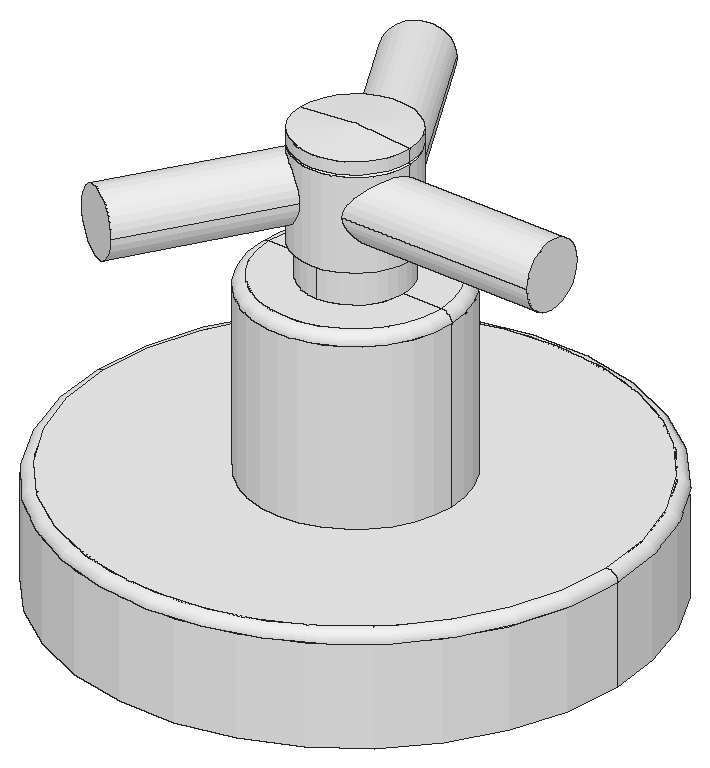
Revit family "Incepa_Zip_Acabamento Registro Base_11.4-11.2", category Plumbing Fixtures, host Face, Revit 2014
Parameters (values of type "Para base Celite 1.1/4" e 1.1/2"")
  Waste Connection = no
  WFU = 0
  Vent Connection = no
  URL = "http://www.incepa.com.br"
  Type Comments = ""
  Selo de Qualidade ofcdesk = "Standard"
  Outros Complementos [instance] = "N/A"
  Model = "B5011I9CR3"
  Metais [instance] = Celite - Cromado
  Manufacturer = "Incepa"
  Keynote = ""
  Incepa: Versão = "Autodesk Revit MEP 2014"
  Incepa: Tipo = "Acabamentos"
  Incepa: Produto = "Metais"
  Incepa: Norma = "ABNT NBR 10283: 2008 - Requisitos e métodos de ensaio"
  Incepa: Linha = "Incepa One"
  Incepa: Informações Técnicas [instance] = "N/A"
  Incepa: Informações Gerais [instance] = "N/A"
  Incepa: Fabricante = "Incepa"
  Incepa: Descrição = "Acabamento de registro para base Incepa 1.1/4\" e 1.1/2\" (B5011I9CR3), linha Incepa One - Metais Incepa"
  Incepa: Código = "B5011I9CR3"
  Incepa: Cores Disponíveis = "Cromado"
  Incepa: Copyright © = "© 2014 Incepa"
  Incepa: Complementos = "N/A"
  Incepa: Categoria = "Lavatório"
  Incepa: Altura da Peça [instance] = 0 mm
  HWFU = 0
  HW Connection = no
  Desenvolvido por = "ofcdesk"
  Description = "Acabamento de registro para base Incepa 1.1/4\" e 1.1/2\" (B5011I9CR3), linha Incepa One - Metais Incepa"
  Default Elevation = 1200 mm
  Cost = 0
  Celite: Vazão de Projeto [instance] = 0.00 L/s
  CWFU = 0
  CW Connection = no
  Assembly Code = "D2010"
Reference planes
  plane 1 "Center (Front/Back)": y = 0
  plane 2: z = 0
  plane 3 "Center (Left/Right)": x = 0
  plane 4: z = 60
  plane 5: z = 52
Forms (mm)
  Sweep 1, solid, material "Celite - Cromado" <- "Metais"
    path origin (0, 0, 0) x (1, 0, 0) y (0, 1, 0)
      loop
        circle (0, 0) r 38
    profile origin (0, 38, 0) x (0, -1, 0) y (0, 0, 1)
      loop
        line (0, 0) -> (3.978, 0) -> (3.978, 15) -> (1.5, 15)
        arc (1.5, 15) -> (0.439, 14.561) -> (0, 13.5) r 1.5
        line (0, 13.5) -> (0, 0)
  Extrusion 2, solid, material "Celite - Cromado" <- "Metais"
    sketch origin (0, 0, 15) x (1, 0, 0) y (0, 1, 0)
      loop
        circle (0, 0) r 11.346
      loop
        circle (0, 0) r 34.022
    from 0 to -3
  Extrusion 3, solid, material "Celite - Cromado" <- "Metais"
    sketch origin (0, 0, 44.797) x (0, 1, 0) y (1, 0, 0)
      loop
        circle (0, 0) r 7
      loop
        circle (0, 0) r 5
    from 0 to 4.606
  Sweep 4, solid, material "Celite - Cromado" <- "Metais"
    path origin (-1524, -4572, 52) x (-1, 0, 0) y (0, -1, 0)
      loop
        line (-1524, -4569.5) -> (-1554.5, -4569.5)
    profile origin (15.25, -2.5, 52) x (0, 1, 0) y (0, 0, 1)
      loop
        circle (0, 0) r 4.5
  Revolve 5, solid, material "Celite - Cromado" <- "Metais"
    sketch origin (0, 0, -3.5) x (1, 0, 0) y (0, 0, 1)
      loop
        line (0, 48.297) -> (0, 63.5)
        arc (0, 63.5) -> (-3.953, 63.324) -> (-7.875, 62.796) r 44.421
        line (-7.875, 62.796) -> (-7.875, 61.112) -> (-6.858, 61.112) -> (-7.875, 60.742) -> (-7.875, 48.297) -> (0, 48.297)
      axis (0, 63.5) -> (0, 48.297)
    angle from 0 to 360
  Sweep 6, solid, material "Celite - Cromado" <- "Metais"
    path origin (4721.468, 966.177, 52) x (0.5, -0.866025, 0) y (0.866025, 0.5, 0)
      loop
        line (-1524, -4569.5) -> (-1554.5, -4569.5)
    profile origin (-5.46, 14.457, 52) x (-0.866025, -0.5, 0) y (0, 0, 1)
      loop
        circle (0, 0) r 4.5
  Sweep 7, solid, material "Celite - Cromado" <- "Metais"
    path origin (-3197.468, 3605.823, 52) x (0.5, 0.866025, 0) y (-0.866025, 0.5, 0)
      loop
        line (-1524, -4569.5) -> (-1554.5, -4569.5)
    profile origin (-9.79, -11.957, 52) x (0.866025, -0.5, 0) y (0, 0, 1)
      loop
        circle (0, 0) r 4.5
  Revolve 8, solid, material "Celite - Cromado" <- "Metais"
    sketch origin (0, 0, 0) x (1, 0, 0) y (0, 0, 1)
      loop
        line (-11.346, 15) -> (-11.346, 37.858) -> (-7, 37.858) -> (-7, 40.191) -> (-12.5, 40.191)
        arc (-12.5, 40.191) -> (-13.561, 39.751) -> (-14, 38.691) r 1.5
        line (-14, 38.691) -> (-14, 15) -> (-11.346, 15)
      axis (0, 40.191) -> (0, 15)
    angle from 0 to 360
Cuts and joins
  joined: Sweep 1, Extrusion 2, Extrusion 3, Sweep 4, Revolve 5, Sweep 6, Sweep 7, Revolve 8
Dimensions and locks
  locked: plane 4 to level at 60
  locked: plane 4 to plane 5 at 8
  radius of Revolve 8 sketch curve = 1.5 mm
  radius of Revolve 5 sketch curve = 44.421 mm
  aligned and locked: plane 2 to host face
  aligned and locked: level to host face
